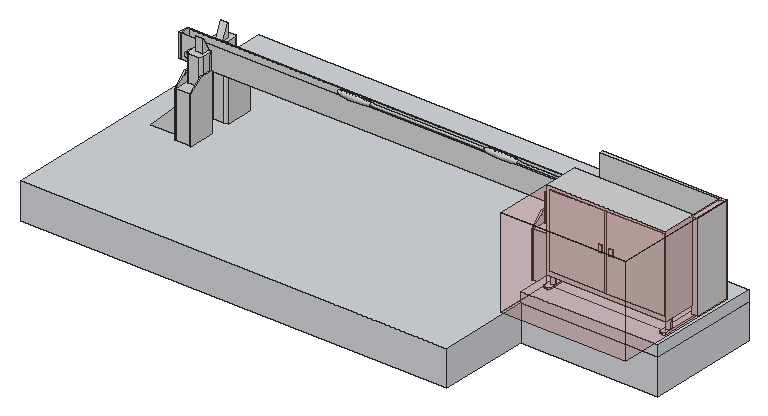
Revit family "Barrier_Gate-Assembly_AutoGate_Shield-M30-Shallow", category Generic Models, Revit 2015
Parameters (values of type "as Specified")
  lightcontrol [instance] = Clear Opening Width / 2  # 8' - 0"
  gateclear [instance] = 1' - 3"  # constant formula
  Warranty Duration (Years) = 0
  Warning Light Color [instance] = none
  Unit Width [instance] = Clear Opening Width + 1' 8" + 1' 9"  # 19' - 5"
  Unit Height [instance] = 8' - 0"
  Unit Depth = 0' - 4"
  URL = "http://autogate.com/"
  Standards Conformance = "ASTM F2656 M30/P1  ;  DOS K4/L3"
  Specification = "http://www.arcat.com/sdspecs/htm04/32_31_00saf.htm"
  SpecWizard = ""
  Space Below Gate [instance] = 0' - 3"
  Show Default Concrete Foundation [instance] = yes
  Show Clearance Box for Operator Maintenance [instance] = yes
  Shield Arm Color [instance] = Metal - Aluminum - Finish as Specified
  Send Message = ""
  Sales Information = "http://autogate.com/about-us/contact/"
  Revision = "R1_2016-11"
  Product Properties = ""
  Product Data = "http://www.arcat.com/arcatcos/cos48/arc48891.html"
  Model = "The Shield M30 Shallow Foundation"
  Maximum Clear Opening [instance] = 19' - 0"  # constant formula
  Mass Interior Design Shape Visible [instance] = yes
  Manufacturer Website = "http://autogate.com/"
  Manufacturer Phone - Toll Free = "800-944-4283"
  Manufacturer Phone = "419-588-2796"
  Manufacturer Fax = "419-588-3514"
  Manufacturer Address = "7306 Driver Rd.  P. O. Box 50  Berlin Heights, OH 44814"
  Manufacturer = "AutoGate, Inc"
  Maintenance Schedule (Months) = 0
  Lift Travel Speed = "7 - 14 seconds"
  Keynote = "32 21 00"
  Installation-Fabrication = ""
  Installation Phase = ""
  Include Warning Lights [instance] = yes
  Has Battery Backup = no
  Hardware Finish [instance] = Metal - Aluminum - Finish as Specified
  Green Building-LEED = ""
  Frame Finish [instance] = Metal - Aluminum - Finish as Specified
  Expected Lifespan (Years) = 0
  Electrical_Voltage = 115 V
  Drawn By = "Sumex Design, Inc. / Robert S. Weygant, CSI, CDT, SCIP"
  Description = "AutoGate Anti-Ram M30 Shallow Foundation Vertical Pivot Gate - The Shield with Arm Design as Specified"
  Default Elevation = 0' - 0"
  Cover Finish [instance] = Metal - Aluminum - Finish as Specified
  Copyright = "©Arcat Inc."
  Construction Details = "http://www.arcat.com/details/autogate/autogate.html?coid=48891"
  Clearance Material [instance] = ARCAT Clearance
  Clear Opening Width [instance] = 16' - 0"
  Bottom Rail Height [instance] = 0' - 4 1/2"
  Barrier Open [instance] = not(Barrier Closed)  # no
  Barrier Interior Material [instance] = Metal - Linked Aluminum - Finish as Specified
  Barrier Guard Extension [instance] = 0' - 6 1/4"
  Barrier Closed [instance] = yes
  Available Options [instance] = "as Specified"
  Assembly Code = "E1030900"
Reference planes (in)
  plane 1 "Center (Front/Back)": y = 0
  plane 2 "Bottom": z = 0
  plane 3 "Center (Left/Right)": x = 0
  plane 4: x = -96
  plane 5: x = 96
  plane 6: z = 15
  plane 7: x = 114
  plane 8: z = 36
  plane 9: z = 228
Forms (in)
  Extrusion 1, solid, visible <- "Show Default Concrete Foundation"
    sketch origin (0, 0, 0) x (1, 0, 0) y (0, 1, 0)
      loop
        line (105.5, -92) -> (105.5, -40) -> (182.75, -40) -> (182.75, 24) -> (105.5, 24) -> (105.5, 76) -> (-135.25, 76) -> (-135.25, -92) -> (105.5, -92)
    from 0 to -20
  Extrusion 2, solid, visible <- "Show Default Concrete Foundation"
    sketch origin (0, 0, 0) x (1, 0, 0) y (0, 1, 0)
      loop
        line (105.5, 24) -> (105.5, -40) -> (182.75, -40) -> (182.75, 24) -> (105.5, 24)
    from 0 to 6
  Extrusion 3, solid, material "Metal - Aluminum - Finish as Specified" <- "Hardware Finish"
    sketch origin (0, 0, 0) x (1, 0, 0) y (0, 1, 0)
      loop
        line (-98, -5) -> (-103.5, -5)
        arc (-103.5, -5) -> (-104.38388, -5.36612) -> (-104.75, -6.25) r 1.25
        line (-104.75, -6.25) -> (-104.75, -11.75)
        arc (-104.75, -11.75) -> (-104.38388, -12.63388) -> (-103.5, -13) r 1.25
        line (-103.5, -13) -> (-98, -13)
        arc (-98, -13) -> (-97.11612, -12.63388) -> (-96.75, -11.75) r 1.25
        line (-96.75, -11.75) -> (-96.75, -6.25)
        arc (-96.75, -6.25) -> (-97.11612, -5.36612) -> (-98, -5) r 1.25
      loop
        arc (-98, 5) -> (-97.11612, 5.36612) -> (-96.75, 6.25) r 1.25
        line (-96.75, 6.25) -> (-96.75, 11.75)
        arc (-96.75, 11.75) -> (-97.11612, 12.63388) -> (-98, 13) r 1.25
        line (-98, 13) -> (-103.5, 13)
        arc (-103.5, 13) -> (-104.38388, 12.63388) -> (-104.75, 11.75) r 1.25
        line (-104.75, 11.75) -> (-104.75, 6.25)
        arc (-104.75, 6.25) -> (-104.38388, 5.36612) -> (-103.5, 5) r 1.25
        line (-103.5, 5) -> (-98, 5)
      loop
        arc (98, -5) -> (97.11612, -5.36612) -> (96.75, -6.25) r 1.25
        line (96.75, -6.25) -> (96.75, -11.75)
        arc (96.75, -11.75) -> (97.11612, -12.63388) -> (98, -13) r 1.25
        line (98, -13) -> (103.5, -13)
        arc (103.5, -13) -> (104.38388, -12.63388) -> (104.75, -11.75) r 1.25
        line (104.75, -11.75) -> (104.75, -6.25)
        arc (104.75, -6.25) -> (104.38388, -5.36612) -> (103.5, -5) r 1.25
        line (103.5, -5) -> (98, -5)
      loop
        line (98, 5) -> (103.5, 5)
        arc (103.5, 5) -> (104.38388, 5.36612) -> (104.75, 6.25) r 1.25
        line (104.75, 6.25) -> (104.75, 11.75)
        arc (104.75, 11.75) -> (104.38388, 12.63388) -> (103.5, 13) r 1.25
        line (103.5, 13) -> (98, 13)
        arc (98, 13) -> (97.11612, 12.63388) -> (96.75, 11.75) r 1.25
        line (96.75, 11.75) -> (96.75, 6.25)
        arc (96.75, 6.25) -> (97.11612, 5.36612) -> (98, 5) r 1.25
    from 0 to 41
  Extrusion 4, solid, material "Metal - Aluminum - Finish as Specified" <- "Shield Arm Color", visible <- "Barrier Closed"
    sketch origin (0, 0, 0) x (1, 0, 0) y (0, 0, 1)
      loop
        line (-116, 42.5) -> (-116, 29.5) -> (118, 29.5) -> (118, 42.5) -> (-116, 42.5)
    from 2.5574 to 2.77886
  Extrusion 5, solid, material "Metal - Aluminum - Finish as Specified" <- "Shield Arm Color", visible <- "Barrier Closed"
    sketch origin (0, 0, 0) x (1, 0, 0) y (0, 0, -1)
      loop
        line (-116, -42.5) -> (118, -42.5) -> (118, -29.5) -> (-116, -29.5) -> (-116, -42.5)
    from 2.5574 to 2.77886
  Extrusion 6, solid, material "Metal - Aluminum - Finish as Specified" <- "Shield Arm Color", visible <- "Barrier Open"
    sketch origin (127.5, 0, 141.5) x (0, 0, -1) y (1, 0, 0)
      loop
        line (-106.75, 11.5) -> (-106.75, -3) -> (105.5, -3) -> (105.5, 11.5) -> (-106.75, 11.5)
    from 2.5574 to 2.77886
  Extrusion 7, solid, material "Metal - Aluminum - Finish as Specified" <- "Shield Arm Color", visible <- "Barrier Open"
    sketch origin (127.5, 0, 141.5) x (0, 0, -1) y (-1, 0, 0)
      loop
        line (-106.75, -11.5) -> (105.5, -11.5) -> (105.5, 3) -> (-106.75, 3) -> (-106.75, -11.5)
    from 2.5574 to 2.77886
  Extrusion 8, solid, material "Metal - Aluminum - Finish as Specified" <- "Shield Arm Color", visible <- "Barrier Closed"
    sketch origin (0, 0, 0) x (1, 0, 0) y (0, 0, 1)
      loop
        line (-117, 42.5) -> (-117, 29.5) -> (-116, 29.5) -> (-116, 42.5) -> (-117, 42.5)
    from -2.77886 to 2.77886
  Extrusion 9, solid, material "Metal - Aluminum - Finish as Specified" <- "Shield Arm Color", visible <- "Barrier Open"
    sketch origin (0, 0, 0) x (1, 0, 0) y (0, 0, 1)
      loop
        line (124.5, 248.25) -> (139, 248.25) -> (139, 249.25) -> (124.5, 249.25) -> (124.5, 248.25)
    from -2.77886 to 2.77886
  Extrusion 10, solid, material "Metal - Aluminum - Finish as Specified" <- "Hardware Finish"
    sketch origin (-96, -180, 63.31719) x (0, 0, 1) y (0, -1, 0)
      loop
        line (-22.31719, -175) -> (-14.81719, -171) -> (-22.31719, -171) -> (-22.31719, -175)
      loop
        line (-22.31719, -185) -> (-22.31719, -189) -> (-14.81719, -189) -> (-22.31719, -185)
    from -6.75 to -2.75
  Extrusion 11, solid, material "Metal - Aluminum - Finish as Specified" <- "Hardware Finish"
    sketch origin (-96, -180, 63.31719) x (0, 0, 1) y (0, -1, 0)
      loop
        line (-63.31719, -174) -> (-31.31719, -174) -> (-31.31719, -167) -> (-37.31719, -159.5) -> (-63.31719, -159.5) -> (-63.31719, -174)
    from 0 to -0.75
  Extrusion 12, solid, material "Metal - Aluminum - Finish as Specified" <- "Hardware Finish"
    sketch origin (-96, -180, 63.31719) x (0, 0, 1) y (0, -1, 0)
      loop
        line (-63.31719, -174) -> (-31.31719, -174) -> (-31.31719, -167) -> (-37.31719, -159.5) -> (-63.31719, -159.5) -> (-63.31719, -174)
    from -9.5 to -8.75
  Extrusion 13, solid, material "Metal - Aluminum - Finish as Specified" <- "Hardware Finish"
    sketch origin (-96, 180, 63.31719) x (0, 0, 1) y (0, -1, 0)
      loop
        line (-63.31719, 174) -> (-63.31719, 159.5) -> (-37.31719, 159.5) -> (-31.31719, 167) -> (-31.31719, 174) -> (-63.31719, 174)
    from 0 to -0.75
  Extrusion 14, solid, material "Metal - Aluminum - Finish as Specified" <- "Hardware Finish"
    sketch origin (-96, 180, 63.31719) x (0, 0, 1) y (0, -1, 0)
      loop
        line (-63.31719, 174) -> (-63.31719, 159.5) -> (-37.31719, 159.5) -> (-31.31719, 167) -> (-31.31719, 174) -> (-63.31719, 174)
    from -9.5 to -8.75
  Extrusion 15, solid, material "Metal - Aluminum - Finish as Specified" <- "Hardware Finish"
    sketch origin (0, 0, 0) x (1, 0, 0) y (0, 1, 0)
      loop
        line (-104.75, -11.75) -> (-104.75, -20.25) -> (-96.75, -20.25) -> (-96.75, -11.75) -> (-104.75, -11.75)
      loop
        line (-104.75, 11.75) -> (-96.75, 11.75) -> (-96.75, 20.25) -> (-104.75, 20.25) -> (-104.75, 11.75)
      loop
        line (104.75, -11.75) -> (96.75, -11.75) -> (96.75, -20.25) -> (104.75, -20.25) -> (104.75, -11.75)
      loop
        line (104.75, 11.75) -> (104.75, 20.25) -> (96.75, 20.25) -> (96.75, 11.75) -> (104.75, 11.75)
    from 0 to 25.96348
  Extrusion 16, solid, material "Metal - Aluminum - Finish as Specified" <- "Hardware Finish"
    sketch origin (96, -180, 63.31719) x (0, 0, 1) y (0, -1, 0)
      loop
        line (-63.31719, -174) -> (-31.31719, -174) -> (-31.31719, -167) -> (-37.31719, -159.5) -> (-63.31719, -159.5) -> (-63.31719, -174)
    from 0 to 0.75
  Extrusion 17, solid, material "Metal - Aluminum - Finish as Specified" <- "Hardware Finish"
    sketch origin (96, -180, 63.31719) x (0, 0, 1) y (0, -1, 0)
      loop
        line (-63.31719, -174) -> (-31.31719, -174) -> (-31.31719, -167) -> (-37.31719, -159.5) -> (-63.31719, -159.5) -> (-63.31719, -174)
    from 9.5 to 8.75
  Extrusion 18, solid, material "Metal - Aluminum - Finish as Specified" <- "Hardware Finish"
    sketch origin (96, -180, 63.31719) x (0, 0, 1) y (0, -1, 0)
      loop
        line (-63.31719, -186) -> (-63.31719, -200.5) -> (-37.31719, -200.5) -> (-31.31719, -193) -> (-31.31719, -186) -> (-63.31719, -186)
    from 0 to 0.75
  Extrusion 19, solid, material "Metal - Aluminum - Finish as Specified" <- "Hardware Finish"
    sketch origin (96, -180, 63.31719) x (0, 0, 1) y (0, -1, 0)
      loop
        line (-63.31719, -186) -> (-63.31719, -200.5) -> (-37.31719, -200.5) -> (-31.31719, -193) -> (-31.31719, -186) -> (-63.31719, -186)
    from 9.5 to 8.75
  Extrusion 20, solid, material "Metal - Aluminum - Finish as Specified" <- "Hardware Finish"
    sketch origin (0, 0, 0) x (1, 0, 0) y (0, 0, 1)
      loop
        line (-105.5, 0) -> (-105.5, 16.25) -> (-121.75, 0) -> (-105.5, 0)
      loop
        line (105.5, 0) -> (121.75, 0) -> (105.5, 16.25) -> (105.5, 0)
    from -16.5 to -16
  Extrusion 21, solid, material "Metal - Aluminum - Finish as Specified" <- "Hardware Finish"
    sketch origin (0, 0, 0) x (1, 0, 0) y (0, 0, -1)
      loop
        line (-105.5, 0) -> (-121.75, 0) -> (-105.5, -16.25) -> (-105.5, 0)
      loop
        line (105.5, 0) -> (105.5, -9) -> (114.5, 0) -> (105.5, 0)
    from -16.5 to -16
  Extrusion 22, solid, material "Metal - Aluminum - Finish as Specified" <- "Shield Arm Color"
    sketch origin (0, 0, 0) x (1, 0, 0) y (0, 0, 1)
      loop
        circle (-109, 36) r 1.25
      loop
        circle (106.5, 36) r 1.25
    from 7.5 to -7.5
Cuts and joins
  joined: Extrusion 3, Extrusion 11, Extrusion 12, Extrusion 13, Extrusion 14, Extrusion 15, Extrusion 16, Extrusion 17, Extrusion 18, Extrusion 19, Extrusion 20, Extrusion 21
Lines and regions (in)
  reference lines
    curve 1: line (114, 0, 15) -> (114, 0, 24.25)
Dimensions and locks (in)
  equal spacing: plane 5, plane 3 "Center (Left/Right)", plane 4
  "Clear Opening Width": plane 5 to plane 4
  plane 7 to plane 5 = 1' - 6"
  locked: plane 6 to level at 15
  locked: plane 8 to plane 6 at 21
  "Clear Opening Width": plane 9 to plane 8
  plane 5 to Extrusion 2 sketch curve to Extrusion 2 sketch curve = 0' - 9 1/2" locked, 6' - 5 1/4" locked
  locked: plane 4 to Extrusion 4 sketch curve at 20
  locked: plane 4 to Extrusion 5 sketch curve at 20
  locked: Extrusion 4 sketch curve to plane 5 at 22
  locked: Extrusion 5 sketch curve to plane 5 at 22
  locked: Extrusion 4 sketch curve to level at 29.5
  locked: Extrusion 4 sketch curve to Extrusion 4 sketch curve at 13
  Extrusion 5 sketch curve to Extrusion 5 sketch curve to level = 1' - 1" locked, 2' - 5 1/2" locked
  locked: Extrusion 6 sketch curve to plane 9 at 20.25
  locked: Extrusion 7 sketch curve to plane 9 at 20.25
  plane 4 to Extrusion 8 sketch curve to Extrusion 8 sketch curve = 1' - 8" locked, 0' - 1" locked
  Extrusion 8 sketch curve to Extrusion 8 sketch curve to plane 2 "Bottom" = 1' - 1" locked, 2' - 5 1/2" locked
  locked: Extrusion 9 sketch curve to Extrusion 9 sketch curve at 14.5
  Extrusion 9 sketch curve to Extrusion 9 sketch curve to plane 9 = 0' - 1" locked, 1' - 8 1/4" locked
  Extrusion 6 sketch curve to Extrusion 6 sketch curve to plane 5 = 1' - 2 1/2" locked, 2' - 4 1/2" locked
  Extrusion 7 sketch curve to Extrusion 7 sketch curve to plane 5 = 1' - 2 1/2" locked, 2' - 4 1/2" locked
  Extrusion 11 sketch curve to Extrusion 11 sketch curve to plane 2 "Bottom" to Extrusion 11 sketch curve = 0' - 6" locked, 2' - 2" locked, 0' - 0" locked
  Extrusion 12 sketch curve to Extrusion 12 sketch curve to plane 2 "Bottom" to Extrusion 12 sketch curve = 0' - 6" locked, 2' - 2" locked, 0' - 0" locked
  Extrusion 13 sketch curve to Extrusion 13 sketch curve to plane 2 "Bottom" to Extrusion 13 sketch curve = 0' - 6" locked, 2' - 2" locked, 0' - 0" locked
  Extrusion 14 sketch curve to Extrusion 14 sketch curve to plane 2 "Bottom" to Extrusion 14 sketch curve = 0' - 6" locked, 2' - 2" locked, 0' - 0" locked
  Extrusion 3 sketch curve to Extrusion 3 sketch curve to plane 1 "Center (Front/Back)" to Extrusion 3 sketch curve to Extrusion 3 sketch curve = 0' - 8" locked, 0' - 5" locked, 0' - 5" locked, 0' - 8" locked  (x2)
  Extrusion 16 sketch curve to Extrusion 16 sketch curve to Extrusion 16 sketch curve = 0' - 6" locked, 2' - 2"
  Extrusion 17 sketch curve to Extrusion 17 sketch curve to Extrusion 17 sketch curve = 0' - 6" locked, 2' - 2"
  Extrusion 18 sketch curve to Extrusion 18 sketch curve to Extrusion 18 sketch curve = 0' - 6" locked, 2' - 2"
  Extrusion 19 sketch curve to Extrusion 19 sketch curve to Extrusion 19 sketch curve = 0' - 6" locked, 2' - 2"
  locked: plane 2 "Bottom" to Extrusion 17 sketch curve at 0
  locked: plane 2 "Bottom" to Extrusion 16 sketch curve at 0
  locked: plane 2 "Bottom" to Extrusion 19 sketch curve at 0
  locked: plane 2 "Bottom" to Extrusion 18 sketch curve at 0
  locked: Extrusion 1 sketch curve to plane 4 at 39.25
  Extrusion 1 sketch curve to plane 1 "Center (Front/Back)" to Extrusion 1 sketch curve = 7' - 8" locked, 6' - 4" locked
  locked: plane 5 to Extrusion 1 sketch curve at 86.75
  locked: plane 5 to Extrusion 1 sketch curve at 9.5  (x2)
  Extrusion 1 sketch curve to plane 1 "Center (Front/Back)" to Extrusion 1 sketch curve = 3' - 4" locked, 2' - 0" locked
  plane 4 to Extrusion 20 sketch curve to Extrusion 20 sketch curve = 0' - 9 1/2" locked, 1' - 4 1/4" locked
  Extrusion 20 sketch curve to Extrusion 20 sketch curve to plane 5 = 1' - 4 1/4" locked, 0' - 9 1/2" locked
  locked: Extrusion 21 sketch curve to Extrusion 21 sketch curve at 16.25
  locked: Extrusion 21 sketch curve to Extrusion 21 sketch curve at 9
  locked: Extrusion 9 sketch curve to plane 5 at 28.5
  aligned and locked: plane 7 to curve 1
  aligned and locked: plane 6 to curve 1
  aligned and locked: plane 8 to Extrusion 6 sketch curve
  aligned and locked: Extrusion 7 sketch curve to plane 8
  aligned and locked: plane 5 to nested 1
Automatic sketch dimensions
  curve 1 to curve 1 = 0' - 9 1/4"
  plane 1 "Center (Front/Back)" to Extrusion 2 sketch curve = 3' - 4"
  Extrusion 2 sketch curve to plane 1 "Center (Front/Back)" = 2' - 0"
  Extrusion 3 sketch curve to plane 4 = 0' - 8 3/4"  (x2)
  Extrusion 3 sketch curve to Extrusion 3 sketch curve = 0' - 1 1/4"  (x10)
  Extrusion 3 sketch curve to plane 4 = 0' - 2"  (x4)
  Extrusion 3 sketch curve to plane 4 = 0' - 0 3/4"  (x2)
  plane 5 to Extrusion 3 sketch curve = 0' - 0 3/4"  (x2)
  Extrusion 3 sketch curve to Extrusion 3 sketch curve = 0' - 5 1/2"  (x2)
  Extrusion 3 sketch curve to Extrusion 3 sketch curve = 0' - 0"  (x2)
  plane 1 "Center (Front/Back)" to Extrusion 11 sketch curve = 0' - 6"
  Extrusion 11 sketch curve to Extrusion 11 sketch curve = 0' - 7"
  Extrusion 11 sketch curve to Extrusion 11 sketch curve = 1' - 2 1/2"
  plane 1 "Center (Front/Back)" to Extrusion 12 sketch curve = 0' - 6"
  Extrusion 12 sketch curve to Extrusion 12 sketch curve = 0' - 7"
  Extrusion 12 sketch curve to Extrusion 12 sketch curve = 1' - 2 1/2"
  Extrusion 13 sketch curve to plane 1 "Center (Front/Back)" = 1' - 8 1/2"
  Extrusion 13 sketch curve to Extrusion 13 sketch curve = 0' - 7 1/2"
  Extrusion 13 sketch curve to plane 1 "Center (Front/Back)" = 0' - 6"
  Extrusion 14 sketch curve to plane 1 "Center (Front/Back)" = 1' - 8 1/2"
  Extrusion 14 sketch curve to Extrusion 14 sketch curve = 0' - 7 1/2"
  Extrusion 14 sketch curve to plane 1 "Center (Front/Back)" = 0' - 6"
  Extrusion 15 sketch curve to plane 4 = 0' - 8 3/4"  (x2)
  Extrusion 15 sketch curve to plane 4 = 0' - 0 3/4"  (x2)
  plane 5 to Extrusion 15 sketch curve = 0' - 0 3/4"  (x2)
  Extrusion 15 sketch curve to Extrusion 15 sketch curve = 0' - 8"  (x2)
  plane 1 "Center (Front/Back)" to Extrusion 15 sketch curve = 1' - 8 1/4"  (x2)
  Extrusion 15 sketch curve to Extrusion 15 sketch curve = 0' - 8 1/2"  (x4)
  Extrusion 15 sketch curve to plane 1 "Center (Front/Back)" = 0' - 11 3/4"  (x2)
  plane 1 "Center (Front/Back)" to Extrusion 16 sketch curve = 0' - 6"
  Extrusion 16 sketch curve to Extrusion 16 sketch curve = 0' - 7"
  Extrusion 16 sketch curve to Extrusion 16 sketch curve = 1' - 2 1/2"
  plane 1 "Center (Front/Back)" to Extrusion 17 sketch curve = 0' - 6"
  Extrusion 17 sketch curve to Extrusion 17 sketch curve = 0' - 7"
  Extrusion 17 sketch curve to Extrusion 17 sketch curve = 1' - 2 1/2"
  Extrusion 18 sketch curve to plane 1 "Center (Front/Back)" = 1' - 8 1/2"
  Extrusion 18 sketch curve to Extrusion 18 sketch curve = 0' - 7 1/2"
  Extrusion 18 sketch curve to plane 1 "Center (Front/Back)" = 0' - 6"
  Extrusion 19 sketch curve to plane 1 "Center (Front/Back)" = 1' - 8 1/2"
  Extrusion 19 sketch curve to Extrusion 19 sketch curve = 0' - 7 1/2"
  Extrusion 19 sketch curve to plane 1 "Center (Front/Back)" = 0' - 6"
  Extrusion 20 sketch curve to level = 0' - 0"  (x2)
  plane 6 to Extrusion 20 sketch curve = 0' - 1 1/4"  (x2)
  Extrusion 21 sketch curve to level = 0' - 0"  (x2)
  Extrusion 21 sketch curve to plane 4 = 2' - 1 3/4"
  Extrusion 21 sketch curve to plane 7 = 0' - 8 1/2"
  Extrusion 21 sketch curve to plane 6 = 0' - 6"
  plane 6 to Extrusion 21 sketch curve = 0' - 1 1/4"
  Extrusion 22 sketch curve to plane 8 = 0' - 0"  (x2)
  Extrusion 22 sketch curve to plane 4 = 1' - 1"
  Extrusion 22 sketch curve to plane 7 = 0' - 7 1/2"
  plane 8 to Extrusion 10 sketch curve = 0' - 5"  (x2)
  Extrusion 10 sketch curve to Extrusion 10 sketch curve = 0' - 7 1/2"  (x2)
  Extrusion 10 sketch curve to Extrusion 10 sketch curve = 0' - 4"  (x2)
  plane 1 "Center (Front/Back)" to Extrusion 10 sketch curve = 0' - 5"
  Extrusion 10 sketch curve to plane 1 "Center (Front/Back)" = 0' - 5"
  radius of Extrusion 22 sketch curve = 0' - 1 1/4"  (x2)
Nested families (in)
  nested 1: "Barrier_Gate-Operator_AutoGate_Pivot" at (177, 0, 6), Clearance Box Material <- "Clearance Material", Frame Finish <- "Cover Finish", Space Below Gate <- "Space Below Gate", Clearance Box for Maintenance <- "Show Clearance Box for Operator Maintenance", Closed <- "Barrier Closed", Open <- "Barrier Open", Clear Location <- "gateclear", Warning Light <- "Include Warning Lights", Warning Light Color <- "Warning Light Color", Gate Height <- "Unit Height", lightcontrol <- "lightcontrol", type "as Specified"
    with warningopen no, warningclosed yes, lightcontrol 8' - 0", Warning Light Color none, Warning Light yes, Space Below Gate 0' - 3", Open no, Guard Depth 0' - 3 1/2", Gate Height 8' - 0", Frame Finish Metal - Aluminum - Finish as Specified, Closed yes, Clearance Box for Maintenance yes, Clearance Box Material ARCAT Clearance, Clear Location 1' - 3", ArmOnly yes, Unit Width 19' - 5"
Connectors (in)
  electrical at (183.51817, 10, 31.5), driven by "Electrical_Voltage"
    settings: on nested 1, index 1, voltage 115 V, apparent load 0 VA, apparent load phase1 0 VA, apparent load phase2 0 VA, apparent load phase3 0 VA, power factor 1, load classification "Other", number of poles 1, system type 31, power factor state 1, is connector primary yes, connector utility no, sub classification motor no, connector description ""
Definition of nested family "Barrier_Gate-Operator_AutoGate_Pivot"
  Parameters
    warningopen [instance] = and(Warning Light, Open)  # yes
    warningclosed [instance] = and(Warning Light, Closed)  # yes
    lightcontrol [instance] = 1' - 11.71607"
    Warranty Duration (Years) = 0
    Warning Light Color [instance] = none
    Warning Light [instance] = yes
    Unit Width = 11' - 0"
    Unit Depth = 2' - 4"
    URL = ""
    Specification = ""
    SpecWizard = ""
    Space Below Gate [instance] = 0' - 3"
    Send Message = ""
    Sales Information = ""
    Revision = "R1_2016-11"
    Product Properties = ""
    Product Data = ""
    Open [instance] = yes
    Model = "As Specified"
    Manufacturer Website = ""
    Manufacturer Phone - Toll Free = ""
    Manufacturer Phone = ""
    Manufacturer Fax = ""
    Manufacturer Address = ""
    Manufacturer = ""
    Maintenance Schedule (Months) = 0
    Keynote = ""
    Installation-Fabrication = ""
    Installation Phase = ""
    Guard Depth [instance] = if(ArmOnly, 0' 3 1/2", if(Gate Height < 6' 0", 0' 2 1/2", if(Gate Height < 7' 0", 0' 5 1/2", if(Gate Height < 8' 0", 1' 6 5/8", if(Gate Height < 9' 0", 2' 6 5/8", if(Gate Height < 10' 0", 3' 6 5/8", 0' 3 1/2"))))))  # 0' - 3 1/2"
    Green Building-LEED = ""
    Gate Height [instance] = 4' - 2"
    Frame Finish [instance] = none
    Expected Lifespan (Years) = 0
    Drawn By = "Sumex Design, Inc. / Robert S. Weygant, CSI, CDT, SCIP"
    Description = ""
    Default Elevation = 0' - 0"
    Copyright = "©Arcat Inc."
    Construction Details = ""
    Closed [instance] = yes
    Clearance Box for Maintenance [instance] = yes
    Clearance Box Material [instance] = none
    Clear Location [instance] = 1' - 0"
    Assembly Code = ""
    ArmOnly [instance] = yes
  Reference planes (in)
    plane 1 "Center (Front/Back)": y = 0
    plane 2 "Bottom": z = 0
    plane 3 "Center (Left/Right)": x = 0
    plane 4: x = -78
    plane 5: x = -66
    plane 6: x = -198
    plane 7: z = 7
    plane 8: z = 139
    plane 9: x = 1
  Forms (in)
    Extrusion 1, solid, material <- "Frame Finish"
      sketch origin (0, 0, 0) x (1, 0, 0) y (0, 0, 1)
        loop
          line (-66, 5.0625) -> (1, 5.0625) -> (1, 50.6875) -> (-66, 50.6875) -> (-66, 5.0625)
      from 8.75 to 28.25
    Extrusion 2, solid, material <- "Frame Finish"
      sketch origin (0, 0, 0) x (1, 0, 0) y (0, 0, -1)
        loop
          line (-66, -5.0625) -> (-66, -50.6875) -> (1, -50.6875) -> (1, -5.0625) -> (-66, -5.0625)
      from 8.8125 to 10.8125
    Extrusion 3, solid, material <- "Frame Finish"
      sketch origin (0, 0, 0) x (1, 0, 0) y (0, 0, 1)
        loop
          line (4.5, 50) -> (1, 50) -> (1, 1) -> (4.5, 1) -> (4.5, 50)
      from -10 to 10
    Extrusion 4, solid, material <- "Frame Finish"
      sketch origin (0, 0, 0) x (1, 0, 0) y (0, 0, 1)
        loop
          line (-66, 5.0625) -> (1, 5.0625) -> (1, 7) -> (-66, 7) -> (-66, 5.0625)
      from -10 to 10
    Extrusion 5, solid, material <- "Frame Finish"
      sketch origin (0, -28.25, 0) x (1, 0, 0) y (0, 0, 1)
        loop
          line (-64, 7.8125) -> (-33, 7.8125) -> (-33, 49.1875) -> (-64, 49.1875) -> (-64, 7.8125)
        loop
          line (-32, 7.8125) -> (0.5, 7.8125) -> (0.5, 49.1875) -> (-32, 49.1875) -> (-32, 7.8125)
      from 0.28125 to 0
    Extrusion 6, solid, material <- "Frame Finish"
      sketch origin (0, -28.53125, 0) x (1, 0, 0) y (0, 0, 1)
        loop
          line (-36.49692, 31.23717) -> (-36.49692, 27.48717) -> (-34.74692, 27.48717) -> (-34.74692, 31.23717) -> (-36.49692, 31.23717)
        loop
          line (-30.49692, 31.23717) -> (-30.49692, 27.48717) -> (-28.74692, 27.48717) -> (-28.74692, 31.23717) -> (-30.49692, 31.23717)
      from 0.25 to 0
    Extrusion 7, solid, material <- "Clearance Box Material", visible <- "Clearance Box for Maintenance"
      sketch origin (0, 0, 0) x (1, 0, 0) y (0, 1, 0)
        loop
          line (-66, -28.25) -> (-66, -60.75) -> (4.5, -60.75) -> (4.5, 10.8125) -> (1, 10.8125) -> (1, -28.25) -> (-66, -28.25)
      from 0 to 50.6875
    Extrusion 8, solid, material <- "Frame Finish"
      sketch origin (0, 0, 0) x (1, 0, 0) y (0, 1, 0)
        loop
          line (-65.25, -31) -> (-63.25, -31) -> (-62.5, -30.25) -> (-62.5, 11.5) -> (-66, 11.5) -> (-66, -30.25) -> (-65.25, -31)
        loop
          line (-0.25, -31) -> (1.75, -31) -> (2.5, -30.25) -> (2.5, 11.5) -> (-1, 11.5) -> (-1, -30.25) -> (-0.25, -31)
      from 0 to 0.75
    Extrusion 9, solid, material <- "Frame Finish"
      sketch origin (0, 0, 0) x (1, 0, 0) y (0, 1, 0)
        loop
          circle (-64.26725, -25.91368) r 1.25
        loop
          circle (-64.26725, 8.33632) r 1.25
        loop
          circle (0.73275, -25.91368) r 1.25
        loop
          circle (0.73275, 8.33632) r 1.25
      from 0.75 to 5.0625
    Revolve 10, solid, material <- "Frame Finish", visible <- "warningclosed"
      sketch origin (-0.08672, -4, -0.03478) x (1, 0, 0) y (0, 0, 1)
        loop
          line (-66, 39.03478) -> (-66, 39.60506) -> (-101.90625, 39.60506)
          spline (-101.90625, 39.60506) -> (-102.21292, 39.86388) -> (-103.11202, 40.10506) -> (-104.54229, 40.31217) -> (-106.40625, 40.47109) -> (-108.57688, 40.57099) -> (-110.90625, 40.60506) -> (-113.23562, 40.57099) -> (-115.40625, 40.47109) -> (-117.27021, 40.31217) -> (-118.70048, 40.10506) -> (-119.59958, 39.86388) -> (-119.90625, 39.60506)
          line (-119.90625, 39.60506) -> (-156.19721, 39.60506)
          spline (-156.19721, 39.60506) -> (-156.50388, 39.86388) -> (-157.40298, 40.10506) -> (-158.83325, 40.31217) -> (-160.69721, 40.47109) -> (-162.86784, 40.57099) -> (-165.19721, 40.60506) -> (-167.52658, 40.57099) -> (-169.69721, 40.47109) -> (-171.56117, 40.31217) -> (-172.99144, 40.10506) -> (-173.89054, 39.86388) -> (-174.19721, 39.60506)
          line (-174.19721, 39.60506) -> (-174.19721, 39.03478) -> (-66, 39.03478)
        axis (-66, 39.03478) -> (-174.19721, 39.03478)
      angle from 0 to 360
    Revolve 11, solid, material <- "Frame Finish", visible <- "warningopen"
      sketch origin (-81.89367, -4, -31.72348) x (0, 0, -1) y (1, 0, 0)
        loop
          line (-38.75, 48.89367) -> (-38.75, 49.39367) -> (-74.75, 49.39367)
          spline (-74.75, 49.39367) -> (-75.05667, 49.65249) -> (-75.95577, 49.89367) -> (-77.38604, 50.10078) -> (-79.25, 50.25969) -> (-81.42063, 50.35959) -> (-83.75, 50.39367) -> (-86.07937, 50.35959) -> (-88.25, 50.25969) -> (-90.11396, 50.10078) -> (-91.54423, 49.89367) -> (-92.44333, 49.65249) -> (-92.75, 49.39367)
          line (-92.75, 49.39367) -> (-129.00741, 49.39367)
          spline (-129.00741, 49.39367) -> (-129.31408, 49.65249) -> (-130.21319, 49.89367) -> (-131.64345, 50.10078) -> (-133.50741, 50.25969) -> (-135.67804, 50.35959) -> (-138.00741, 50.39367) -> (-140.33679, 50.35959) -> (-142.50741, 50.25969) -> (-144.37138, 50.10078) -> (-145.80164, 49.89367) -> (-146.70075, 49.65249) -> (-147.00741, 49.39367)
          line (-147.00741, 49.39367) -> (-147.00741, 48.89367) -> (-38.75, 48.89367)
        axis (-38.75, 48.89367) -> (-147.00741, 48.89367)
      angle from 0 to 360
  Cuts and joins
    joined: Extrusion 1, Extrusion 2, Extrusion 4
  Dimensions and locks (in)
    locked: plane 3 "Center (Left/Right)" to plane 5 at 66
    "Clear Location": plane 4 to plane 5
    locked: Revolve 10 sketch curve to Revolve 10 sketch curve at 18  (x2)
    locked: Revolve 11 sketch curve to Revolve 11 sketch curve at 18  (x2)
    "Unit Width": plane 6 to plane 5
    locked: plane 7 to level at 7
    "Unit Width": plane 8 to plane 7
    locked: plane 9 to plane 3 "Center (Left/Right)" at 1
    "lightcontrol": plane 8 to Revolve 11 sketch curve
    locked: Revolve 11 sketch curve to plane 7 at 36.02652
    locked: plane 5 to Revolve 11 sketch curve at 33
    "lightcontrol": Revolve 10 sketch curve to plane 6
    locked: Revolve 10 sketch curve to plane 5 at 35.99297
    locked: Revolve 10 sketch curve to level at 39
    "Guard Depth": Extrusion 3 sketch curve to plane 9
    "Guard Depth": plane 9 to Extrusion 7 sketch curve
  Automatic sketch dimensions
    plane 3 "Center (Left/Right)" to Extrusion 3 sketch curve = 0' - 1"
    level to Extrusion 3 sketch curve = 0' - 1"
    Extrusion 6 sketch curve to Extrusion 5 = 2' - 3.50308"
    Extrusion 6 sketch curve to Extrusion 6 sketch curve = 0' - 1 3/4"  (x2)
    Extrusion 6 sketch curve to Extrusion 5 = 0' - 1.50308"
    Extrusion 6 sketch curve to Extrusion 5 = 1' - 9.70033"  (x2)
    Extrusion 6 sketch curve to Extrusion 6 sketch curve = 0' - 3 3/4"  (x2)
    level to Extrusion 2 sketch curve = 0' - 5 1/16"
    Extrusion 2 sketch curve to plane 3 "Center (Left/Right)" = 5' - 6"
    plane 3 "Center (Left/Right)" to Extrusion 2 sketch curve = 0' - 1"
    Extrusion 5 sketch curve to Extrusion 1 = 0' - 2"
    Extrusion 5 sketch curve to Extrusion 1 = 0' - 2 3/4"
    Extrusion 5 sketch curve to Extrusion 5 sketch curve = 2' - 7"
    Extrusion 5 sketch curve to Extrusion 5 sketch curve = 0' - 1"
    Extrusion 5 sketch curve to Extrusion 1 = 0' - 0 1/2"
    Extrusion 5 sketch curve to Extrusion 5 sketch curve = 0' - 0"  (x2)
    Extrusion 5 sketch curve to Extrusion 1 = 0' - 1 1/2"
    Extrusion 7 sketch curve to plane 3 "Center (Left/Right)" = 5' - 6"
    plane 3 "Center (Left/Right)" to Extrusion 7 sketch curve = 0' - 1"
    plane 1 "Center (Front/Back)" to Extrusion 7 sketch curve = 5' - 0 3/4"
    plane 1 "Center (Front/Back)" to Extrusion 7 sketch curve = 2' - 4 1/4"
    Extrusion 7 sketch curve to plane 1 "Center (Front/Back)" = 0' - 10 13/16"
    Extrusion 8 sketch curve to plane 1 "Center (Front/Back)" = 0' - 11 1/2"  (x2)
    Extrusion 8 sketch curve to plane 3 "Center (Left/Right)" = 5' - 6"
    plane 1 "Center (Front/Back)" to Extrusion 8 sketch curve = 2' - 7"  (x2)
    Extrusion 8 sketch curve to Extrusion 8 sketch curve = 0' - 0 3/4"  (x5)
    Extrusion 8 sketch curve to Extrusion 8 sketch curve = 0' - 2"
    Extrusion 8 sketch curve to Extrusion 8 sketch curve = 0' - 3 1/2"
    Extrusion 8 sketch curve to plane 3 "Center (Left/Right)" = 0' - 1"
    Extrusion 8 sketch curve to plane 3 "Center (Left/Right)" = 0' - 0 1/4"
    plane 3 "Center (Left/Right)" to Extrusion 8 sketch curve = 0' - 1 3/4"
    plane 3 "Center (Left/Right)" to Extrusion 8 sketch curve = 0' - 2 1/2"
    Extrusion 1 sketch curve to plane 3 "Center (Left/Right)" = 5' - 6"
    plane 3 "Center (Left/Right)" to Extrusion 1 sketch curve = 0' - 1"
    Extrusion 1 sketch curve to Extrusion 1 sketch curve = 3' - 9 5/8"
    Extrusion 4 sketch curve to plane 3 "Center (Left/Right)" = 5' - 6"
    plane 3 "Center (Left/Right)" to Extrusion 4 sketch curve = 0' - 1"
    Extrusion 4 sketch curve to Extrusion 4 sketch curve = 0' - 1 15/16"
    Extrusion 9 sketch curve to plane 1 "Center (Front/Back)" = 0' - 8.33632"  (x2)
    Extrusion 9 sketch curve to plane 3 "Center (Left/Right)" = 5' - 4.26725"
    Extrusion 9 sketch curve to Extrusion 9 sketch curve = 0' - 0"
    plane 3 "Center (Left/Right)" to Extrusion 9 sketch curve = 0' - 0.73275"  (x2)
    plane 1 "Center (Front/Back)" to Extrusion 9 sketch curve = 2' - 1.91368"  (x2)
    level to Extrusion 1 sketch curve = 0' - 5 1/16"
    Extrusion 2 sketch curve to Extrusion 2 sketch curve = 3' - 9 5/8"
    Extrusion 3 sketch curve to Extrusion 3 sketch curve = 4' - 1"
    level to Extrusion 4 sketch curve = 0' - 5 1/16"
    plane 5 to Revolve 10 sketch curve = 0' - 0.08672"
    Revolve 10 sketch curve to Revolve 10 sketch curve = 0' - 0"  (x2)
    plane 7 to Revolve 10 sketch curve = 2' - 8.57028"
    Revolve 10 sketch curve to plane 6 = 1' - 4.40544"
    plane 7 to Revolve 11 sketch curve = 0' - 0.02652"
    Revolve 11 sketch curve to Revolve 11 sketch curve = 0' - 0"  (x2)
    Revolve 11 sketch curve to plane 3 "Center (Left/Right)" = 2' - 8 1/2"
    Revolve 11 sketch curve to Revolve 11 sketch curve = 0' - 3"
    radius of Extrusion 9 sketch curve = 0' - 1 1/4"  (x4)
